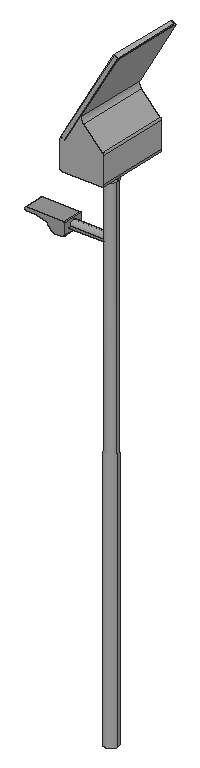
Revit family "Farola Solar Moon S gris", category Luminarias, Revit 2021
Family settings
  Cota de conector redondo = Diámetro de uso
  Tipo de pieza = Normal
  Se basa en plano de trabajo = No
  Siempre vertical = Sí
  Corte con vacíos al cargar = No
  Origen de luz = No
  Compartido = Sí
  Punto de cálculo de habitación = No
Parameters (values of type "Farola Olintu S pintura gris")
  URL producto = "https://ekiona.com/farolas-solares/serie-moon/"
  URL = "https://www.ekiona.com/"
  Teléfono de contacto = "(+34) 943 30 80 51"
  Keynote = ""
  Modelo = "Modelo Moon"
  Marcado CE = "SÍ"
  Garantía = "5 años"
  Gama de colores = "Blanco, Negro, Gris, Verde bosque, acero galvanizado"
  Gama de acabados = "Galvanizado, Fibra de vidrio, Aluminio"
  Fabricante = "Ekiona"
  Elevación por defecto = 2000 mm
  E-mail de contacto = "info@ekiona.com"
  Distancia inserto-columa = Altura columna planos - 136 mm  # 3864 mm
  Distancia brazo-final de columna = Altura columna planos - 500 mm  # 3500 mm
  Dirección = "Parque Tecnológico Miramón - Paseo Mikeletegi 56 - 20009 Donostia/San Sebastián"
  Descripción de la empresa = "Diseñamos, desarrollamos, fabricamos y comercializamos farolas solares que se adaptan a cualquier necesidad."
  Descripción = "Farola solar compacta y estética, la unión entre eficiencia y diseño"
  Clase eficiencia energética = "A++"
  Altura columna extremos = 4000 mm
  Altura columna planos = Altura columna extremos  # 4000 mm
Types (3, lengths in mm): name | URL producto | Modelo | Garantía | Gama de colores | Gama de acabados | Dirección | Descripción de la empresa | Descripción
  (no name) | "https://ekiona.com/farolas-solares/serie-moon/" | "Modelo Moon" | "5 años" | "Blanco, Negro, Gris, Verde bosque, acero galvanizado" | "Galvanizado, Fibra de vidrio, Aluminio" | "Parque Tecnológico Miramón - Paseo Mikeletegi 56 - 20009 Donostia/San Sebastián" | "Diseñamos, desarrollamos, fabricamos y comercializamos farolas solares que se adaptan a cualquier necesidad." | "Farola solar compacta y estética, la unión entre eficiencia y diseño"
  Farola Olintu S pintura blanca | "https://ekiona.com/farolas-solares/serie-olintu/" | "Modelo Olintu" | "2 años" | "" | "" | "" | "" | "Farola solar que combina diseño y eficencia"
  Farola Olintu S pintura gris | "https://ekiona.com/farolas-solares/serie-moon/" | "Modelo Moon" | "5 años" | "Blanco, Negro, Gris, Verde bosque, acero galvanizado" | "Galvanizado, Fibra de vidrio, Aluminio" | "Parque Tecnológico Miramón - Paseo Mikeletegi 56 - 20009 Donostia/San Sebastián" | "Diseñamos, desarrollamos, fabricamos y comercializamos farolas solares que se adaptan a cualquier necesidad." | "Farola solar compacta y estética, la unión entre eficiencia y diseño"
Reference planes
  plane 1 "Center (Front/Back)": y = 0
  plane 2: z = 0
  plane 3 "Center (Left/Right)": x = 0
  plane 4: z = 4000
  plane 5: z = 3500
Dimensions and locks
  "Altura columna planos": plane 2 to plane 4
  "Distancia brazo-final de columna": level to plane 5
  "Distancia inserto-columa": level to nested 3
  aligned and locked: level to plane 2
  aligned and locked: plane 5 to nested 2
Nested families
  nested 1: "Columna Moon S gris" at (5, 0, 0), Altura columna <- "Altura columna extremos", type "Columna 4m"
  nested 2: "Luminaria Moon S gris" at (5, 0, 3451.464), type "Luminaria 20W"
  nested 3: "Tolva Moon S gris" at (5, 340, 2524.796), type "Tolva Moon S gris"
Definition of nested family "Columna Moon S gris"
  Parameters (values of type "Columna 5m")
    Øsuperior columna = 88 mm
    Øinferior columna = 115 mm
    Material columna = none
    Default Elevation = 0 mm
    Altura columna [instance] = 5000 mm
  Types (3, lengths in mm): name | Øinferior columna | Altura columna
    Columna 5m | 115 | 5000
    Columna 4m | 105 | 4000
    Columna 3m | 115 | 3000
  Reference planes
    plane 1 "Center (Front/Back)": y = 0
    plane 2: z = 0
    plane 3 "Center (Left/Right)": x = 0
    plane 4: z = 5000
  Forms (mm)
    Blend 1, solid, material <- "Material columna"
      base sketch origin (0, 0, 0) x (1, 0, 0) y (0, 1, 0)
        loop
          circle (0.091, 0.421) r 57.5
      top sketch origin (0, 0, 0) x (1, 0, 0) y (0, 1, 0)
        loop
          circle (0.091, 0.421) r 44
      from 0 to 5000
  Dimensions and locks
    "Altura columna": plane 4 to level
    "Øinferior columna": diameter of Blend 1 sketch curve
    "Øsuperior columna": diameter of Blend 1 sketch curve
    aligned and locked: level to plane 2
    aligned and locked: plane 4 to Blend 1
  Automatic sketch dimensions
    plane 3 "Center (Left/Right)" to Blend 1 sketch curve = 0.091 mm  (x2)
    Blend 1 sketch curve to plane 1 "Center (Front/Back)" = 0.421 mm  (x2)
Definition of nested family "Luminaria Moon S gris"
  Parameters (values of type "Luminaria 50W")
    Tilt Angle = 70.00°
    built-in parameter 1010506 = 0.34907 (stored number, unit not read)
    built-in parameter 1010507 = 1.2217 (stored number, unit not read)
    Wattage = 50 W
    built-in parameter 1150107 = 3000 (stored number, unit not read)
    built-in parameter 1150110 = 1 (stored number, unit not read)
    built-in parameter 1150109 = 1 (stored number, unit not read)
    built-in parameter 1150112 = 1 (stored number, unit not read)
    built-in parameter 1150113 = 1 (stored number, unit not read)
    built-in parameter 1114218 = 1 (stored number, unit not read)
    built-in parameter 1150137 = (empty or 0)
    built-in parameter 1150132 = (empty or 0)
    Material luminaria = none
    Material brazo = none
    Material LED = none
    Light Source Symbol Length = 3048 mm
    built-in parameter 1150105 = 60769.7 (stored number, unit not read)
    built-in parameter 1150102 = (empty or 0)
    built-in parameter 1150106 = 607.7 (stored number, unit not read)
    Emit Shape Visible in Rendering = no
    Lumens = 8250 lm
    Color Filter = 16777215
    built-in parameter 1114217 = 0.7 (stored number, unit not read)
    built-in parameter 1150139 = (empty or 0)
    Default Elevation = 0 mm
    built-in parameter 1150104 = 15.329 (stored number, unit not read)
    Emit from Circle Diameter = 50 mm
    built-in parameter 1150115 = 1 (stored number, unit not read)
    built-in parameter 1150114 = 1 (stored number, unit not read)
    built-in parameter 1150138 = (empty or 0)
    built-in parameter 1150134 = (empty or 0)
    Dimming Lamp Color Temperature Shift = (empty or 0)
    built-in parameter 1150133 = 10 (stored number, unit not read)
  Types (4, lengths in mm): name | Wattage | built-in parameter 1150105 | built-in parameter 1150106 | Lumens
    Luminaria 30W | 30 W | 36461.8 (stored number, unit not read) | 364.62 (stored number, unit not read) | 4950 lm
    Luminaria 20W | 20 W | 24307.9 (stored number, unit not read) | 243.08 (stored number, unit not read) | 3300 lm
    Luminaria 40W | 40 W | 48615.8 (stored number, unit not read) | 486.16 (stored number, unit not read) | 6600 lm
    Luminaria 50W | 50 W | 60769.7 (stored number, unit not read) | 607.7 (stored number, unit not read) | 8250 lm
  Reference planes
    plane 1 "Center (Front/Back)": y = 0
    plane 2: z = 0
    plane 3 "Center (Left/Right)": x = 0
  Forms (mm)
    Revolve 1, solid, material <- "Material brazo"
      sketch origin (303.946, 1.989, 0) x (1, 0, 0) y (0, 1, 0)
        loop
          line (-608.495, 30) -> (-302.022, 30) -> (-302.022, 33.284) -> (-608.495, 33.284) -> (-608.495, 30)
        axis (-608.495, 0) -> (-302.022, 0)
      angle from 0 to 360
    Revolve 2, solid, material <- "Material LED"
      sketch origin (687.978, 0, -3.572) x (1, 0, 0) y (0, 0, 1)
        loop
          arc (-1192.369, 27.257) -> (-1185.047, 9.579) -> (-1167.369, 2.257) r 25
          line (-1167.369, 2.257) -> (-1167.369, 27.257) -> (-1192.369, 27.257)
        axis (-1167.369, 27.257) -> (-1167.369, 2.257)
      angle from 0 to 360
    Extrusion 3, solid, material <- "Material luminaria"
      sketch origin (238.457, 170, 0) x (1, 0, 0) y (0, 0, 1)
        loop
          arc (-530.557, 45) -> (-532.034, 47.059) -> (-534.093, 48.536) r 7.795
          line (-534.093, 48.536) -> (-819.093, 48.536)
          arc (-819.093, 48.536) -> (-830.585, 37.044) -> (-819.093, 25.552) r 11.492
          line (-819.093, 25.552) -> (-754.765, 25.552)
          arc (-754.765, 25.552) -> (-719.662, 20.455) -> (-685.221, 11.966) r 364.063
          arc (-685.221, 11.966) -> (-667.18, 1.896) -> (-655.103, -14.869) r 47.612
          arc (-655.103, -14.869) -> (-633.37, -40.263) -> (-603.441, -55.142) r 83.798
          arc (-603.441, -55.142) -> (-569.333, -56.37) -> (-535.764, -50.207) r 157.18
          arc (-535.764, -50.207) -> (-532.082, -48.682) -> (-530.557, -45) r 5.207
          line (-530.557, -45) -> (-530.557, 45)
      from 95.307 to 250
  Dimensions and locks
    aligned and locked: level to plane 2
Definition of nested family "Tolva Moon S gris"
  Parameters (values of type "Tolva Moon S gris")
    Model = "Tolva Olintu"
    Material inserto = none
    Material estructura base = none
    Manufacturer = "Ekiona"
    Default Elevation = 0 mm
    Ancho panel = 545 mm
  Reference planes
    plane 1 "Center (Front/Back)": y = 0
    plane 2: z = 0
    plane 3 "Center (Left/Right)": x = 0
    plane 4 "paralelo a vista izq": y = -337.5
    plane 5 "Plano 1": through (259.959, -25, 3493.187) normal (-0.5, 0, 0.866)
    plane 6: through (97.83, 0, 2130.088) normal (-0.866, 0, 0.5)
  Forms (mm)
    Revolve 1, solid, material <- "Material inserto"
      sketch origin (0, 0, -386.551) x (0, 1, 0) y (0, 0, 1)
        loop
          line (-287.5, 2035.827) -> (-287.5, 1725.755) -> (-284.5, 1725.755) -> (-284.5, 2035.827) -> (-287.5, 2035.827)
        axis (-337.5, 2035.827) -> (-337.5, 1725.755)
      angle from 0 to 360
    Extrusion 2, solid, not visible
      sketch origin (124.705, 0, 1465.982) x (1, 0, 0) y (0, 0, 1)
        loop
          line (25.298, 2103.034) -> (-292.965, 1551.785) -> (-241.004, 1521.785) -> (77.26, 2073.034) -> (25.298, 2103.034)
      from 70.047 to 615.047
    Extrusion 3, void, not visible
      sketch origin (-63.196, 0, 1140.322) x (1, 0, 0) y (0, 0, 1)
        loop
          line (224.128, 2422.685) -> (236.948, 2349.979) -> (276.798, 2419.002) -> (224.128, 2422.685)
      from 0 to 675
    Extrusion 4, void, not visible
      sketch origin (124.705, 0, 1465.982) x (1, 0, 0) y (0, 0, 1)
        loop
          line (-212.839, 1570.569) -> (-289.787, 1549.95) -> (-300.47, 1528.787) -> (-231.188, 1488.787) -> (-191.188, 1558.069) -> (-212.839, 1570.569)
      from 0 to 675
    Extrusion 5, solid, not visible
      sketch origin (-63.252, 0, 1140.601) x (1, 0, 0) y (0, 0, 1)
        loop
          line (212.635, 2427.51) -> (224.709, 2420.539) -> (237.206, 2349.669) -> (152.052, 2202.179) -> (153.752, 2201.197) -> (239.192, 2349.183) -> (226.372, 2421.888) -> (213.635, 2429.242) -> (212.635, 2427.51)
      from 70.047 to 615.047
    Extrusion 6, solid, not visible
      sketch origin (124.679, 0, 1466.114) x (1, 0, 0) y (0, 0, 1)
        loop
          line (-35.879, 1876.666) -> (-212.705, 1570.395) -> (-289.813, 1549.734) -> (-293.065, 1551.612) -> (-294.068, 1549.876) -> (-290.068, 1547.567) -> (-211.46, 1568.63) -> (-34.182, 1875.686) -> (-35.879, 1876.666)
      from 70.047 to 615.047
    Extrusion 7, solid, not visible
      sketch origin (124.769, 0, 1465.921) x (1, 0, 0) y (0, 0, 1)
        loop
          line (-292.965, 1551.785) -> (25.035, 2102.578) -> (-5.276, 2120.078) -> (-323.276, 1569.285) -> (-292.965, 1551.785)
      from 70.047 to 615.047
    Extrusion 8, void, not visible
      sketch origin (-1013.482, -34.1, 1392.821) x (0, 1, 0) y (0.5, 0, 0.866025)
        loop
          line (-463.861, 2321.81) -> (-416.148, 2321.81)
          arc (-416.148, 2321.81) -> (-419.48, 2339.286) -> (-430.409, 2353.323) r 37.954
          arc (-430.409, 2353.323) -> (-445.409, 2358.568) -> (-460.409, 2353.323) r 24.073
          arc (-460.409, 2353.323) -> (-471.433, 2339.075) -> (-474.645, 2321.349) r 37.954
          arc (-474.645, 2321.349) -> (-473.167, 2312.913) -> (-469.836, 2305.024) r 37.954
          arc (-469.836, 2305.024) -> (-441.562, 2289.96) -> (-416.017, 2309.293) r 29.744
          line (-416.017, 2309.293) -> (-423.962, 2312.74)
          arc (-423.962, 2312.74) -> (-442.617, 2300.75) -> (-461.255, 2312.766) r 20.484
          arc (-461.255, 2312.766) -> (-462.888, 2317.193) -> (-463.861, 2321.81) r 32.425
        loop
          line (-462.861, 2331.038) -> (-427.861, 2331.038)
          arc (-427.861, 2331.038) -> (-445.361, 2348.538) -> (-462.861, 2331.038) r 17.5
        loop
          line (-407.152, 2354.99) -> (-407.152, 2299.99)
          arc (-407.152, 2299.99) -> (-401.908, 2294.747) -> (-396.665, 2299.99) r 5.244
          line (-396.665, 2299.99) -> (-396.665, 2315.008) -> (-387.196, 2324.476) -> (-367.121, 2295.806)
          arc (-367.121, 2295.806) -> (-360.158, 2294.578) -> (-358.93, 2301.542) r 5
          line (-358.93, 2301.542) -> (-380.016, 2331.656) -> (-362.339, 2349.334)
          arc (-362.339, 2349.334) -> (-362.339, 2357.323) -> (-370.328, 2357.323) r 5.649
          line (-370.328, 2357.323) -> (-396.665, 2330.986) -> (-396.665, 2354.99)
          arc (-396.665, 2354.99) -> (-401.908, 2360.234) -> (-407.152, 2354.99) r 5.244
        loop
          line (-345.695, 2330.348) -> (-345.695, 2298.296)
          arc (-345.695, 2298.296) -> (-340.695, 2293.296) -> (-335.695, 2298.296) r 5
          line (-335.695, 2298.296) -> (-335.695, 2330.348)
          arc (-335.695, 2330.348) -> (-340.695, 2335.348) -> (-345.695, 2330.348) r 5
        loop
          arc (-313.958, 2351.943) -> (-322.635, 2348.932) -> (-329.497, 2355.038) r 9.076
          arc (-329.497, 2355.038) -> (-336.449, 2361.579) -> (-345.695, 2359.211) r 9.903
          arc (-345.695, 2359.211) -> (-348.682, 2355.086) -> (-349.922, 2350.147) r 13.45
          arc (-349.922, 2350.147) -> (-346.706, 2343.243) -> (-339.177, 2342.089) r 8.071
          arc (-339.177, 2342.089) -> (-335.695, 2342.685) -> (-332.214, 2342.089) r 10.463
          arc (-332.214, 2342.089) -> (-327.031, 2338.208) -> (-325.061, 2332.04) r 10.635
          arc (-325.061, 2332.04) -> (-262.525, 2310.202) -> (-313.958, 2351.943) r 33.621
        loop
          line (-250.357, 2353.481) -> (-250.357, 2298.481)
          arc (-250.357, 2298.481) -> (-243.625, 2291.749) -> (-236.893, 2298.481) r 6.732
          line (-236.893, 2298.481) -> (-236.893, 2343.466)
          arc (-236.893, 2343.466) -> (-229.971, 2349.019) -> (-221.459, 2351.529) r 22.933
          arc (-221.459, 2351.529) -> (-212.902, 2347.984) -> (-209.357, 2339.427) r 12.102
          line (-209.357, 2339.427) -> (-209.357, 2298.481)
          arc (-209.357, 2298.481) -> (-203.024, 2292.148) -> (-196.691, 2298.481) r 6.333
          line (-196.691, 2298.481) -> (-196.691, 2339.905)
          arc (-196.691, 2339.905) -> (-198.028, 2347.169) -> (-201.863, 2353.481) r 20.404
          arc (-201.863, 2353.481) -> (-219.569, 2360.932) -> (-237.793, 2354.854) r 27.258
          arc (-237.793, 2354.854) -> (-244.69, 2359.8) -> (-250.357, 2353.481) r 6.357
        loop
          arc (-184.719, 2344.597) -> (-181.441, 2338.502) -> (-174.681, 2339.98) r 5.745
          arc (-174.681, 2339.98) -> (-169.693, 2349.593) -> (-159.36, 2352.836) r 14.106
          arc (-159.36, 2352.836) -> (-151.076, 2350.212) -> (-144.661, 2344.349) r 20.193
          line (-144.661, 2344.349) -> (-144.661, 2338.186)
          arc (-144.661, 2338.186) -> (-158.183, 2333.475) -> (-172.248, 2330.794) r 97.575
          arc (-172.248, 2330.794) -> (-181.869, 2326.808) -> (-185.855, 2317.187) r 13.607
          arc (-185.855, 2317.187) -> (-186.09, 2312.502) -> (-186.044, 2307.811) r 78.299
          arc (-186.044, 2307.811) -> (-182.313, 2300.899) -> (-176.154, 2296.024) r 19.471
          arc (-176.154, 2296.024) -> (-166.154, 2293.649) -> (-156.154, 2296.024) r 22.235
          arc (-156.154, 2296.024) -> (-150.683, 2299.242) -> (-145.676, 2303.144) r 48.757
          line (-145.676, 2303.144) -> (-145.676, 2297.176)
          arc (-145.676, 2297.176) -> (-140.801, 2292.301) -> (-135.926, 2297.176) r 4.875
          line (-135.926, 2297.176) -> (-135.926, 2347.483)
          arc (-135.926, 2347.483) -> (-140.108, 2354.143) -> (-146.491, 2358.739) r 20.503
          arc (-146.491, 2358.739) -> (-158.534, 2361.376) -> (-170.577, 2358.739) r 28.822
          arc (-170.577, 2358.739) -> (-178.914, 2352.934) -> (-184.719, 2344.597) r 28.822
        loop
          arc (-144.661, 2330.676) -> (-156.177, 2325.488) -> (-168.693, 2323.785) r 44.019
          arc (-168.693, 2323.785) -> (-173.358, 2321.852) -> (-175.29, 2317.187) r 6.598
          arc (-175.29, 2317.187) -> (-175.527, 2313.145) -> (-175.29, 2309.103) r 34.669
          arc (-175.29, 2309.103) -> (-173.729, 2305.335) -> (-169.961, 2303.774) r 5.329
          arc (-169.961, 2303.774) -> (-163.465, 2302.436) -> (-156.969, 2303.774) r 16.436
          arc (-156.969, 2303.774) -> (-150.056, 2308.034) -> (-144.661, 2314.101) r 27.926
          line (-144.661, 2314.101) -> (-144.661, 2330.676)
      from -19.407 to 3
    Revolve 9, solid, not visible
      sketch origin (0, 0, 1241.412) x (0, 1, 0) y (0, 0, 1)
        loop
          line (-287.5, 2035.827) -> (-287.5, 1725.755) -> (-284.5, 1725.755) -> (-284.5, 2035.827) -> (-287.5, 2035.827)
        axis (-337.5, 2035.827) -> (-337.5, 1725.755)
      angle from 0 to 360
    Extrusion 10, solid, not visible
      sketch origin (128.943, 0, 6.927) x (1, 0, 0) y (0, 0, 1)
        loop
          line (25.298, 2103.034) -> (-292.965, 1551.785) -> (-241.004, 1521.785) -> (77.26, 2073.034) -> (25.298, 2103.034)
      from 70.047 to 615.047
    Extrusion 11, solid, not visible
      sketch origin (-59.014, 0, -318.454) x (1, 0, 0) y (0, 0, 1)
        loop
          line (212.635, 2427.51) -> (224.709, 2420.539) -> (237.206, 2349.669) -> (152.052, 2202.179) -> (153.752, 2201.197) -> (239.192, 2349.183) -> (226.372, 2421.888) -> (213.635, 2429.242) -> (212.635, 2427.51)
      from 70.047 to 615.047
    Extrusion 12, solid, not visible
      sketch origin (128.918, 0, 7.059) x (1, 0, 0) y (0, 0, 1)
        loop
          line (-35.879, 1876.666) -> (-212.705, 1570.395) -> (-289.813, 1549.734) -> (-293.065, 1551.612) -> (-294.068, 1549.876) -> (-290.068, 1547.567) -> (-211.46, 1568.63) -> (-34.182, 1875.686) -> (-35.879, 1876.666)
      from 70.047 to 615.047
    Revolve 13, solid, not visible
      sketch origin (0, 0, -217.643) x (0, 1, 0) y (0, 0, 1)
        loop
          line (-287.5, 2035.827) -> (-287.5, 1725.755) -> (-284.5, 1725.755) -> (-284.5, 2035.827) -> (-287.5, 2035.827)
        axis (-337.5, 2035.827) -> (-337.5, 1725.755)
      angle from 0 to 360
    Extrusion 14, solid
      sketch origin (106.298, 0, 251.777) x (1, 0, 0) y (0, 0, 1)
        loop
          line (160.132, 2120.334) -> (134.151, 2135.334) -> (-268.349, 1438.184) -> (-242.368, 1423.184) -> (160.132, 2120.334)
      from 72.309 to 613.86
    Extrusion 15, solid, material <- "Material estructura base"
      sketch origin (0, 0, 0) x (1, 0, 0) y (0, 0, 1)
        loop
          arc (147.315, 1456.297) -> (160.446, 1461.736) -> (165.885, 1474.867) r 18.569
          line (165.885, 1474.867) -> (165.885, 1674.867)
          arc (165.885, 1674.867) -> (163.765, 1685.3) -> (157.744, 1694.079) r 26.74
          line (157.744, 1694.079) -> (12.787, 1839.036)
          arc (12.787, 1839.036) -> (-0.782, 1863.06) -> (0, 1890.64) r 51.489
          line (0, 1890.64) -> (275.091, 2367.111) -> (244.78, 2384.611) -> (-167.647, 1670.268)
          arc (-167.647, 1670.268) -> (-169.408, 1662.657) -> (-170, 1654.867) r 51.572
          line (-170, 1654.867) -> (-170, 1477.511)
          arc (-170, 1477.511) -> (-163.787, 1462.511) -> (-148.787, 1456.297) r 21.213
          line (-148.787, 1456.297) -> (147.315, 1456.297)
      from 70.047 to 615.047
  Dimensions and locks
    Revolve 1 sketch curve to Revolve 1 sketch curve = 50 mm
    Revolve 1 sketch curve to Revolve 1 sketch curve = 53 mm
    Revolve 13 sketch curve to Revolve 13 sketch curve = 50 mm
    Revolve 13 sketch curve to Revolve 13 sketch curve = 53 mm
    Extrusion 15 to Extrusion 14 = 805 mm
    aligned and locked: level to plane 2
